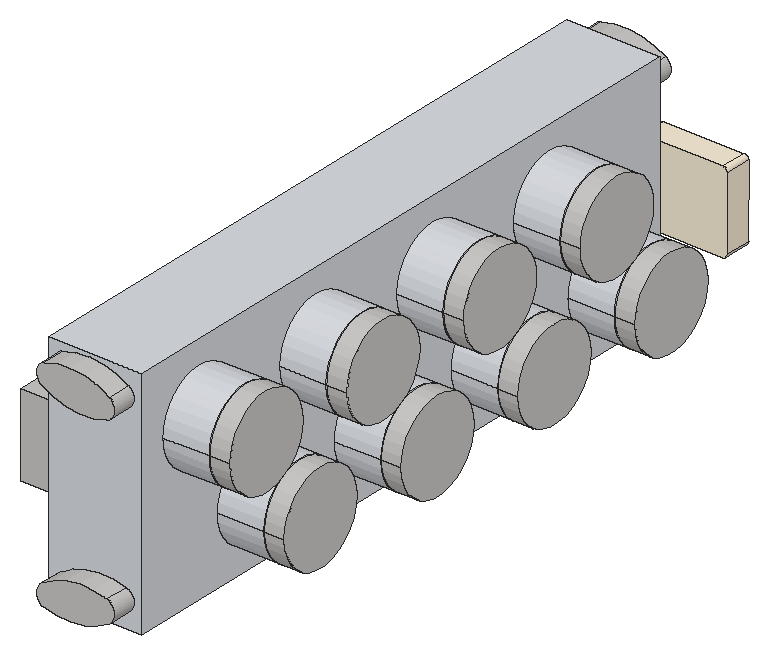
Revit family "HVAC_Ductwork_Airzone_Motorized-Plenum_Daikin_Standard_8-Dampers", category Mechanical Equipment, Revit 2016
Family settings
  Part Type = Normal
  Round Connector Dimension = Use Diameter
  OmniClass Number = 23.75.70.14
  OmniClass Title = Air Ductwork
  Work Plane-Based = No
  Always vertical = Yes
  Cut with Voids When Loaded = No
  Shared = No
  Room Calculation Point = No
Parameters (values of type "DAIST07XL8")
  Voltage = 230 V
  URL = "www.airzone.es"
  Type Image Comments = "Image available in product documentation download"  # constant formula
  Revit Model Version = "1.0"  # constant formula
  Revit Model Author URL = "www.a3d.es"
  Revit Model Author = "A3D Consulting"  # constant formula
  Product Documentation Download URL = "http://doc.airzone.es/BIM/Easyzone/Daikin-Airzone_motorized_plenum.zip"
  Product Comments = "Refer to technical documentation for further details"  # constant formula
  Power Factor = 1
  Neck Width = 1345.600 mm
  Neck Length = 95.000 mm
  Neck Height = 181.600 mm
  Material = Metal - AIRZONE - Galvanized Sheet - Semi-polished
  Main Control Board Material = Plastic - AIRZONE - Smooth - Off-white
  Load Classification = Other
  Insulated Body Width = 205.000 mm  # constant formula
  Insulated Body Material = Metal -AIRZONE - Insulating Lining -Aluminum Finish
  Insulated Body Length = 1425.000 mm  # constant formula
  Insulated Body Height = 515.000 mm  # constant formula
  Fresh Air Inlet 4 Flow [instance] = 0 m³/h
  Fresh Air Inlet 3 Flow [instance] = 0 m³/h
  Flow [instance] = Damper 8 Air Flow + Damper 7 Air Flow + Damper 6 Air Flow + Damper 5 Air Flow + Damper 4 Air Flow + Damper 3 Air Flow + Damper 2 Air Flow + Damper 1 Air Flow - Fresh Air Inlet 4 Flow - Fresh Air Inlet 3 Flow - Fresh Air Inlet 2 Flow - Fresh Air Inlet 1 Flow  # 2400 m³/h
  Fresh Air Inlet 1 Flow [instance] = 0 m³/h
  Fresh Air Inlet 2 Flow [instance] = 0 m³/h
  Fresh Air Inlet Connection Width = 175.000 mm
  Fresh Air Inlet Connection Height = 75.000 mm
  Model = "DAIST07XL8"
  Neck Side Offset = 39.700 mm
  Neck Bottom Offset = 180.200 mm
  Type Image = <None>
  Manufacturer = "AIRZONE"  # constant formula
  Main Control Board Depth = 57.000 mm  # constant formula
  Main Control Board Width = 195.000 mm  # constant formula
  Main Control Board Height = 180.000 mm  # constant formula
  Fixing = ""
  Disclaimer = "All information provided in this model is reviewed before being published. However, Airzone cannot guarantee this model is error-free, therefore users are strongly encouraged to check for technical documentation and updates"  # constant formula
  Description = "Airzone standard motorized plenum with neck that mechanically adapts to the main ducted AC units of Daikin."
  Type Comments = ""
  Dampers Length = 149.000 mm  # constant formula
  Dampers Diameter = 200.000 mm  # constant formula
  Damper 8 Air Flow [instance] = 300 m³/h
  Damper 7 Air Flow [instance] = 300 m³/h
  Damper 6 Air Flow [instance] = 300 m³/h
  Damper 5 Air Flow [instance] = 300 m³/h
  Damper 4 Air Flow [instance] = 300 m³/h
  Damper 1 Air Flow [instance] = 300 m³/h
  Damper 2 Air Flow [instance] = 300 m³/h
  Damper 3 Air Flow [instance] = 300 m³/h
  Fresh Air Inlet Connection Offset Height = 48.305 mm  # constant formula
  Compatible Accesories = ""
  Apparent Load = 57.5 VA
Types (4, lengths in mm): name | Neck Width | Neck Height | Model | Neck Side Offset | Neck Bottom Offset
  DAIST07XL8 | 1345.600 | 181.600 | "DAIST07XL8" | 39.700 | 180.200
  DAIST07L8 | 1195.600 | 181.600 | "DAIST07L8" | 164.700 | 180.200
  DAIST04L8 | 1173.600 | 203.600 | "DAIST04L8" | 125.700 | 156.200
  DAIST01L8 | 1167.600 | 222.600 | "DAIST01L8" | 193.700 | 161.200
Reference planes
  plane 1 "Center (Front/Back)": y = 0
  plane 2 "Center (Elevation)": z = 0
  plane 3 "Center (Left/Right)": x = 0
  plane 4 "Neck Back": y = 672.8
  plane 5 "Neck Front": y = -672.8
  plane 6 "Neck Top": z = 90.8
  plane 7 "Neck Bottom": z = -90.8
  plane 8 "Left": x = 95
  plane 9 "Bottom": z = -271
  plane 10 "Top": z = 244
  plane 11 "Front": y = -712.5
  plane 12 "Back": y = 712.5
  plane 13 "Right": x = 300
  plane 14 "Dampers Front": x = 449
  plane 15 "Dampers L1 Center (Elevation)": z = 94
  plane 16 "Damper3": y = -235.84
  plane 17 "Damper2": y = 85.83
  plane 18 "Damper1": y = 407.5
  plane 19 "Middle": y = 0
  plane 20 "FreshAir L2 Center (Elevation)": z = -222.695
  plane 21 "FreshAir1": y = 765
  plane 22 "FreshAir2": y = -765
  plane 23 "Dampers Lining": x = 404
  plane 24 "FreshAir Vertical Axis": x = 195.83
  plane 25 "ConnectionBox Side": x = 254
  plane 26 "Main Control Board Center (Left/Right)": x = 351.5
  plane 27 "Damper4": y = -557.51
  plane 28 "Dampers L2 Center (Elevation)": z = -121
  plane 29 "Damper5": y = 557.51
  plane 30 "Damper6": y = 235.84
  plane 31 "Damper7": y = -85.83
  plane 32 "Damper8": y = -407.5
  plane 33 "InsulatedBody Center (Elevation)": z = -13.5
  plane 34 "FreshAir L1 Center (Elevation)": z = 195.695
Forms (mm)
  Extrusion 1, solid, material "Metal - AIRZONE - Galvanized Sheet - Semi-polished" <- "Material"
    sketch origin (0, 0, 0) x (0, 1, 0) y (0, 0, 1)
      loop
        line (-672.8, 90.8) -> (-672.8, -90.8) -> (672.8, -90.8) -> (672.8, 90.8) -> (-672.8, 90.8)
    from 0 to 95
  Extrusion 2, solid, material "Metal -AIRZONE - Insulating Lining -Aluminum Finish" <- "Insulated Body Material"
    sketch origin (95, 0, 0) x (0, 1, 0) y (0, 0, 1)
      loop
        line (-712.5, 244) -> (-712.5, -271) -> (712.5, -271) -> (712.5, 244) -> (-712.5, 244)
    from 0 to 205
  Extrusion 3, solid, material "Metal - AIRZONE - Galvanized Sheet - Semi-polished" <- "Material"
    sketch origin (300, 0, 0) x (0, 1, 0) y (0, 0, 1)
      loop
        circle (-235.84, 94) r 100
    from 104 to 149
  Extrusion 4, solid, material "Metal - AIRZONE - Galvanized Sheet - Semi-polished" <- "Material"
    sketch origin (300, 0, 0) x (0, 1, 0) y (0, 0, 1)
      loop
        circle (85.83, 94) r 100
    from 104 to 149
  Extrusion 5, solid, material "Metal - AIRZONE - Galvanized Sheet - Semi-polished" <- "Material"
    sketch origin (300, 0, 0) x (0, 1, 0) y (0, 0, 1)
      loop
        circle (407.5, 94) r 100
    from 104 to 149
  Extrusion 6, solid, material "Metal - AIRZONE - Galvanized Sheet - Semi-polished" <- "Material"
    sketch origin (0, -712.5, 0) x (0, 0, 1) y (1, 0, 0)
      loop
        arc (-190.141, 265.204) -> (-211.608, 282.105) -> (-236.312, 270.434) r 25.96
        arc (-236.312, 270.434) -> (-262.302, 200.598) -> (-254.849, 126.456) r 164.67
        arc (-254.849, 126.456) -> (-233.665, 109.589) -> (-208.994, 120.751) r 25.96
        arc (-208.994, 120.751) -> (-182.725, 190.78) -> (-190.141, 265.204) r 164.67
    from 0 to -52.5
  Extrusion 7, solid, material "Metal - AIRZONE - Galvanized Sheet - Semi-polished" <- "Material"
    sketch origin (0, 712.5, 0) x (0, 0, 1) y (1, 0, 0)
      loop
        arc (-190.141, 265.204) -> (-211.325, 282.071) -> (-235.996, 270.909) r 25.96
        arc (-235.996, 270.909) -> (-262.179, 201.53) -> (-255.267, 127.699) r 164.67
        arc (-255.267, 127.699) -> (-234.032, 109.637) -> (-208.678, 121.226) r 25.96
        arc (-208.678, 121.226) -> (-182.688, 191.062) -> (-190.141, 265.204) r 164.67
    from 0 to 52.5
  Extrusion 8, solid, material "Metal -AIRZONE - Insulating Lining -Aluminum Finish" <- "Insulated Body Material"
    sketch origin (300, 0, 0) x (0, 1, 0) y (0, 0, 1)
      loop
        circle (407.5, 94) r 100
    from 0 to 104
  Extrusion 9, solid, material "Metal -AIRZONE - Insulating Lining -Aluminum Finish" <- "Insulated Body Material"
    sketch origin (300, -260, 0) x (0, 1, 0) y (0, 0, 1)
      loop
        circle (345.83, 94) r 100
    from 0 to 104
  Extrusion 10, solid, material "Metal -AIRZONE - Insulating Lining -Aluminum Finish" <- "Insulated Body Material"
    sketch origin (300, -520, 0) x (0, 1, 0) y (0, 0, 1)
      loop
        circle (284.16, 94) r 100
    from 0 to 104
  Extrusion 11, solid, material "Metal - AIRZONE - Galvanized Sheet - Semi-polished" <- "Material"
    sketch origin (300, -190, 0) x (0, 1, 0) y (0, 0, 1)
      loop
        circle (-367.51, 94) r 100
    from 104 to 149
  Extrusion 12, solid, material "Metal -AIRZONE - Insulating Lining -Aluminum Finish" <- "Insulated Body Material"
    sketch origin (300, -710, 0) x (0, 1, 0) y (0, 0, 1)
      loop
        circle (152.49, 94) r 100
    from 0 to 104
  Extrusion 13, solid, material "Metal -AIRZONE - Insulating Lining -Aluminum Finish" <- "Insulated Body Material"
    sketch origin (300, -100, 0) x (0, 1, 0) y (0, 0, 1)
      loop
        circle (657.51, -121) r 100
    from 0 to 104
  Extrusion 14, solid, material "Metal - AIRZONE - Galvanized Sheet - Semi-polished" <- "Material"
    sketch origin (300, 150.01, 0) x (0, 1, 0) y (0, 0, 1)
      loop
        circle (407.5, -121) r 100
    from 104 to 149
  Extrusion 15, solid, material "Metal -AIRZONE - Insulating Lining -Aluminum Finish" <- "Insulated Body Material"
    sketch origin (300, -421.67, 0) x (0, 1, 0) y (0, 0, 1)
      loop
        circle (657.51, -121) r 100
    from 0 to 104
  Extrusion 16, solid, material "Metal - AIRZONE - Galvanized Sheet - Semi-polished" <- "Material"
    sketch origin (300, -171.66, 0) x (0, 1, 0) y (0, 0, 1)
      loop
        circle (407.5, -121) r 100
    from 104 to 149
  Extrusion 17, solid, material "Metal -AIRZONE - Insulating Lining -Aluminum Finish" <- "Insulated Body Material"
    sketch origin (300, -743.34, 0) x (0, 1, 0) y (0, 0, 1)
      loop
        circle (657.51, -121) r 100
    from 0 to 104
  Extrusion 18, solid, material "Metal - AIRZONE - Galvanized Sheet - Semi-polished" <- "Material"
    sketch origin (300, -493.33, 0) x (0, 1, 0) y (0, 0, 1)
      loop
        circle (407.5, -121) r 100
    from 104 to 149
  Extrusion 19, solid, material "Metal -AIRZONE - Insulating Lining -Aluminum Finish" <- "Insulated Body Material"
    sketch origin (300, -1065.01, 0) x (0, 1, 0) y (0, 0, 1)
      loop
        circle (657.51, -121) r 100
    from 0 to 104
  Extrusion 20, solid, material "Metal - AIRZONE - Galvanized Sheet - Semi-polished" <- "Material"
    sketch origin (300, -815, 0) x (0, 1, 0) y (0, 0, 1)
      loop
        circle (407.5, -121) r 100
    from 104 to 149
  Extrusion 21, solid, material "Metal - AIRZONE - Galvanized Sheet - Semi-polished" <- "Material"
    sketch origin (0, -712.5, -30) x (0, 0, -1) y (-1, 0, 0)
      loop
        arc (-193.141, -265.204) -> (-185.725, -190.78) -> (-211.994, -120.751) r 164.67
        arc (-211.994, -120.751) -> (-236.665, -109.589) -> (-257.849, -126.456) r 25.96
        arc (-257.849, -126.456) -> (-265.302, -200.598) -> (-239.312, -270.434) r 164.67
        arc (-239.312, -270.434) -> (-214.608, -282.105) -> (-193.141, -265.204) r 25.96
    from 0 to -52.5
  Extrusion 22, solid, material "Metal - AIRZONE - Galvanized Sheet - Semi-polished" <- "Material"
    sketch origin (0, 712.5, -30) x (0, 0, -1) y (-1, 0, 0)
      loop
        arc (-193.141, -265.204) -> (-185.688, -191.062) -> (-211.678, -121.226) r 164.67
        arc (-211.678, -121.226) -> (-237.032, -109.637) -> (-258.267, -127.699) r 25.96
        arc (-258.267, -127.699) -> (-265.179, -201.53) -> (-238.996, -270.909) r 164.67
        arc (-238.996, -270.909) -> (-214.325, -282.071) -> (-193.141, -265.204) r 25.96
    from 0 to 52.5
Lines and regions (mm)
  Masking region 1
    outline origin (0, 0, 0) x (1, 0, 0) y (0, 1, 0)
      loop
        line (95, 712.5) -> (95, -712.5) -> (300, -712.5) -> (300, 712.5) -> (95, 712.5)
  Masking region 2, detail levels medium+fine
    outline origin (0, 0, 0) x (1, 0, 0) y (0, 1, 0)
      loop
        line (0, 672.8) -> (0, -672.8) -> (95, -672.8) -> (95, 672.8) -> (0, 672.8)
  Masking region 3, detail levels medium+fine
    outline origin (0, 0, -222.695) x (1, 0, 0) y (0, 1, 0)
      loop
        line (108.33, 765) -> (108.33, 712.5) -> (283.33, 712.5) -> (283.33, 765) -> (108.33, 765)
  Masking region 4, detail levels medium+fine
    outline origin (0, 0, -222.695) x (1, 0, 0) y (0, 1, 0)
      loop
        line (108.33, -712.5) -> (108.33, -765) -> (283.33, -765) -> (283.33, -712.5) -> (108.33, -712.5)
  Masking region 5, detail levels medium+fine
    outline origin (0, 0, 0) x (1, 0, 0) y (0, 1, 0)
      loop
        line (254, 769.5) -> (254, 712.5) -> (449, 712.5) -> (449, 769.5) -> (254, 769.5)
  Masking region 6, detail levels medium+fine
    outline origin (0, 0, 94) x (0, -1, 0) y (1, 0, 0)
      loop
        line (457.51, 300) -> (657.51, 300) -> (657.51, 449) -> (457.51, 449) -> (457.51, 300)
  Masking region 7, detail levels medium+fine
    outline origin (0, 321.67, 94) x (0, -1, 0) y (1, 0, 0)
      loop
        line (457.51, 300) -> (657.51, 300) -> (657.51, 449) -> (457.51, 449) -> (457.51, 300)
  Masking region 8, detail levels medium+fine
    outline origin (0, 643.34, 94) x (0, -1, 0) y (1, 0, 0)
      loop
        line (457.51, 300) -> (657.51, 300) -> (657.51, 449) -> (457.51, 449) -> (457.51, 300)
  Masking region 9, detail levels medium+fine
    outline origin (0, 965.01, 94) x (0, -1, 0) y (1, 0, 0)
      loop
        line (457.51, 300) -> (657.51, 300) -> (657.51, 449) -> (457.51, 449) -> (457.51, 300)
  Masking region 10, detail levels medium+fine
    outline origin (0, 0, -121) x (0, -1, 0) y (1, 0, 0)
      loop
        line (-657.51, 300) -> (-457.51, 300) -> (-457.51, 449) -> (-657.51, 449) -> (-657.51, 300)
  Masking region 11, detail levels medium+fine
    outline origin (0, -321.67, -121) x (0, -1, 0) y (1, 0, 0)
      loop
        line (-657.51, 300) -> (-457.51, 300) -> (-457.51, 449) -> (-657.51, 449) -> (-657.51, 300)
  Masking region 12, detail levels medium+fine
    outline origin (0, -643.34, -121) x (0, -1, 0) y (1, 0, 0)
      loop
        line (-657.51, 300) -> (-457.51, 300) -> (-457.51, 449) -> (-657.51, 449) -> (-657.51, 300)
  Masking region 13, detail levels medium+fine
    outline origin (0, -965.01, -121) x (0, -1, 0) y (1, 0, 0)
      loop
        line (-657.51, 300) -> (-457.51, 300) -> (-457.51, 449) -> (-657.51, 449) -> (-657.51, 300)
  symbolic lines, detail levels coarse
    curve 1: line (95, -712.5, 0) -> (300, 0, 0)
    curve 2: line (300, 0, 0) -> (95, 712.5, 0)
Dimensions and locks
  equal spacing: plane 4 "Neck Back", plane 1 "Center (Front/Back)", plane 5 "Neck Front"
  "Neck Width": plane 4 "Neck Back" to plane 5 "Neck Front"
  equal spacing: plane 6 "Neck Top", level, plane 7 "Neck Bottom"
  "Neck Height": plane 6 "Neck Top" to plane 7 "Neck Bottom"
  "Neck Length": plane 3 "Center (Left/Right)" to plane 8 "Left"
  "Neck Bottom Offset": plane 7 "Neck Bottom" to plane 9 "Bottom"
  "Insulated Body Height": plane 10 "Top" to plane 9 "Bottom"
  "Insulated Body Length": plane 12 "Back" to plane 11 "Front"
  "Insulated Body Width": plane 8 "Left" to plane 13 "Right"
  "Dampers Length": plane 13 "Right" to plane 14 "Dampers Front"
  equal spacing: plane 12 "Back", plane 19 "Middle", plane 11 "Front"
  plane 8 "Left" to plane 13 "Right" = 205.000 mm
  "Fresh Air Inlet Connection Offset Height": plane 20 "FreshAir L2 Center (Elevation)" to plane 9 "Bottom"
  locked: Extrusion 6 sketch curve to plane 9 "Bottom" at 56.47
  locked: plane 13 "Right" to Extrusion 6 sketch curve at 43.69
  locked: plane 13 "Right" to Extrusion 6 sketch curve at 164.65
  locked: Extrusion 6 sketch curve to plane 9 "Bottom" at 40.54
  locked: plane 13 "Right" to Extrusion 6 sketch curve at 87.91
  locked: plane 9 "Bottom" to Extrusion 6 sketch curve at 75.01
  locked: plane 13 "Right" to Extrusion 6 sketch curve at 120.43
  locked: Extrusion 6 sketch curve to plane 9 "Bottom" at 172.02
  locked: plane 13 "Right" to Extrusion 7 sketch curve at 43.69
  locked: Extrusion 7 sketch curve to plane 9 "Bottom" at 56.47
  locked: Extrusion 7 sketch curve to plane 9 "Bottom" at 40.54
  locked: plane 13 "Right" to Extrusion 7 sketch curve at 164.65
  locked: plane 13 "Right" to Extrusion 7 sketch curve at 120.43
  locked: Extrusion 7 sketch curve to plane 9 "Bottom" at 172.02
  locked: plane 9 "Bottom" to Extrusion 7 sketch curve at 75.01
  locked: plane 13 "Right" to Extrusion 7 sketch curve at 87.91
  "Neck Side Offset": plane 12 "Back" to plane 4 "Neck Back"
  locked: plane 21 "FreshAir1" to plane 12 "Back" at 52.5
  plane 11 "Front" to plane 22 "FreshAir2" = 52.500 mm
  locked: connector elem to plane 13 "Right" at 104.17
  locked: plane 20 "FreshAir L2 Center (Elevation)" to connector elem
  locked: plane 13 "Right" to connector elem at 104.17
  locked: connector elem to plane 20 "FreshAir L2 Center (Elevation)"
  locked: plane 23 "Dampers Lining" to plane 14 "Dampers Front" at 45
  locked: plane 24 "FreshAir Vertical Axis" to plane 13 "Right" at 104.17
  equal spacing: Masking region 3 sketch curve, plane 24 "FreshAir Vertical Axis", Masking region 3 sketch curve
  "Fresh Air Inlet Connection Width": Masking region 3 sketch curve to Masking region 3 sketch curve
  equal spacing: Masking region 4 sketch curve, plane 24 "FreshAir Vertical Axis", Masking region 4 sketch curve
  "Fresh Air Inlet Connection Width": Masking region 4 sketch curve to Masking region 4 sketch curve
  "Main Control Board Depth": Masking region 5 sketch curve to plane 12 "Back"
  "Main Control Board Width": plane 25 "ConnectionBox Side" to plane 14 "Dampers Front"
  equal spacing: plane 25 "ConnectionBox Side", plane 26 "Main Control Board Center (Left/Right)", plane 14 "Dampers Front"
  equal spacing: Masking region 6 sketch curve, plane 27 "Damper4", Masking region 6 sketch curve
  "Dampers Diameter": Masking region 6 sketch curve to Masking region 6 sketch curve
  plane 18 "Damper1" to plane 17 "Damper2" to plane 16 "Damper3" to plane 27 "Damper4" = 321.670 mm locked, 321.670 mm locked, 321.670 mm locked
  locked: plane 17 "Damper2" to plane 19 "Middle" at 85.83
  locked: plane 10 "Top" to plane 15 "Dampers L1 Center (Elevation)" at 150
  locked: plane 28 "Dampers L2 Center (Elevation)" to plane 9 "Bottom" at 150
  plane 29 "Damper5" to plane 30 "Damper6" to plane 31 "Damper7" to plane 32 "Damper8" = 321.670 mm locked, 321.670 mm locked, 321.670 mm locked
  locked: plane 19 "Middle" to plane 31 "Damper7" at 85.83
  equal spacing: Masking region 7 sketch curve, plane 16 "Damper3", Masking region 7 sketch curve
  "Dampers Diameter": Masking region 7 sketch curve to Masking region 7 sketch curve
  equal spacing: Masking region 8 sketch curve, plane 17 "Damper2", Masking region 8 sketch curve
  "Dampers Diameter": Masking region 8 sketch curve to Masking region 8 sketch curve
  equal spacing: Masking region 9 sketch curve, plane 18 "Damper1", Masking region 9 sketch curve
  "Dampers Diameter": Masking region 9 sketch curve to Masking region 9 sketch curve
  equal spacing: Masking region 10 sketch curve, plane 29 "Damper5", Masking region 10 sketch curve
  "Dampers Diameter": Masking region 10 sketch curve to Masking region 10 sketch curve
  equal spacing: Masking region 11 sketch curve, plane 30 "Damper6", Masking region 11 sketch curve
  "Dampers Diameter": Masking region 11 sketch curve to Masking region 11 sketch curve
  equal spacing: Masking region 12 sketch curve, plane 31 "Damper7", Masking region 12 sketch curve
  "Dampers Diameter": Masking region 12 sketch curve to Masking region 12 sketch curve
  equal spacing: Masking region 13 sketch curve, plane 32 "Damper8", Masking region 13 sketch curve
  "Dampers Diameter": Masking region 13 sketch curve to Masking region 13 sketch curve
  equal spacing: plane 10 "Top", plane 33 "InsulatedBody Center (Elevation)", plane 9 "Bottom"
  locked: plane 13 "Right" to Extrusion 21 sketch curve at 43.69
  locked: plane 13 "Right" to Extrusion 21 sketch curve at 87.91
  locked: plane 13 "Right" to Extrusion 21 sketch curve at 120.43
  locked: plane 13 "Right" to Extrusion 21 sketch curve at 164.65
  locked: Extrusion 21 sketch curve to plane 10 "Top" at 75.01
  locked: plane 10 "Top" to Extrusion 21 sketch curve at 40.54
  locked: plane 10 "Top" to Extrusion 21 sketch curve at 56.47
  locked: plane 10 "Top" to Extrusion 21 sketch curve at 172.02
  locked: plane 10 "Top" to Extrusion 22 sketch curve at 75.01
  locked: Extrusion 22 sketch curve to plane 10 "Top" at 40.54
  locked: Extrusion 22 sketch curve to plane 10 "Top" at 56.47
  locked: Extrusion 22 sketch curve to plane 10 "Top" at 172.02
  locked: plane 13 "Right" to Extrusion 22 sketch curve at 43.69
  locked: plane 13 "Right" to Extrusion 22 sketch curve at 87.91
  locked: plane 13 "Right" to Extrusion 22 sketch curve at 120.43
  locked: plane 13 "Right" to Extrusion 22 sketch curve at 164.65
  "Fresh Air Inlet Connection Offset Height": plane 10 "Top" to plane 34 "FreshAir L1 Center (Elevation)"
  locked: connector elem to plane 24 "FreshAir Vertical Axis"  (x2)
  locked: connector elem to plane 34 "FreshAir L1 Center (Elevation)"  (x2)
  "Dampers Diameter": diameter of Extrusion 3 sketch curve
  "Dampers Diameter": diameter of Extrusion 4 sketch curve
  "Dampers Diameter": diameter of Extrusion 5 sketch curve
  radius of Extrusion 7 sketch curve = 164.670 mm  (x2)
  radius of Extrusion 7 sketch curve = 25.960 mm  (x2)
  radius of Extrusion 6 sketch curve = 164.670 mm  (x2)
  radius of Extrusion 6 sketch curve = 25.960 mm  (x2)
  "Dampers Diameter": diameter of Extrusion 8 sketch curve
  "Dampers Diameter": diameter of Extrusion 9 sketch curve
  "Dampers Diameter": diameter of Extrusion 10 sketch curve
  "Dampers Diameter": diameter of Extrusion 11 sketch curve
  "Dampers Diameter": diameter of Extrusion 12 sketch curve
  "Dampers Diameter": diameter of Extrusion 13 sketch curve
  "Dampers Diameter": diameter of Extrusion 14 sketch curve
  "Dampers Diameter": diameter of Extrusion 15 sketch curve
  "Dampers Diameter": diameter of Extrusion 16 sketch curve
  "Dampers Diameter": diameter of Extrusion 17 sketch curve
  "Dampers Diameter": diameter of Extrusion 18 sketch curve
  "Dampers Diameter": diameter of Extrusion 19 sketch curve
  "Dampers Diameter": diameter of Extrusion 20 sketch curve
  radius of Extrusion 21 sketch curve = 164.670 mm  (x2)
  radius of Extrusion 21 sketch curve = 25.960 mm  (x2)
  radius of Extrusion 22 sketch curve = 164.670 mm  (x2)
  radius of Extrusion 22 sketch curve = 25.960 mm  (x2)
  aligned and locked: level to plane 2 "Center (Elevation)"
  aligned and locked: plane 5 "Neck Front" to Extrusion 1 sketch curve
  aligned and locked: Extrusion 1 sketch curve to plane 6 "Neck Top"
  aligned and locked: Extrusion 1 sketch curve to plane 4 "Neck Back"
  aligned and locked: plane 7 "Neck Bottom" to Extrusion 1 sketch curve
  aligned and locked: Extrusion 1 to plane 3 "Center (Left/Right)"
  aligned and locked: Extrusion 2 sketch curve to plane 10 "Top"
  aligned and locked: Extrusion 2 sketch curve to plane 12 "Back"
  aligned and locked: plane 9 "Bottom" to Extrusion 2 sketch curve
  aligned and locked: plane 11 "Front" to Extrusion 2 sketch curve
  aligned and locked: plane 13 "Right" to Extrusion 2
  aligned and locked: Extrusion 2 to plane 8 "Left"
  aligned and locked: plane 16 "Damper3" to Extrusion 3 sketch curve
  aligned and locked: plane 15 "Dampers L1 Center (Elevation)" to Extrusion 3 sketch curve
  aligned and locked: plane 15 "Dampers L1 Center (Elevation)" to Extrusion 4 sketch curve
  aligned and locked: plane 18 "Damper1" to Extrusion 5 sketch curve
  aligned and locked: plane 15 "Dampers L1 Center (Elevation)" to Extrusion 5 sketch curve
  aligned and locked: plane 14 "Dampers Front" to Extrusion 5
  aligned and locked: plane 14 "Dampers Front" to Extrusion 4
  aligned and locked: plane 14 "Dampers Front" to Extrusion 3
  aligned and locked: plane 8 "Left" to Extrusion 1
  aligned and locked: plane 22 "FreshAir2" to Extrusion 6
  aligned and locked: plane 21 "FreshAir1" to Extrusion 7
  aligned and locked: Extrusion 7 to plane 12 "Back"
  aligned and locked: plane 11 "Front" to Extrusion 6
  aligned and locked: Extrusion 5 to plane 23 "Dampers Lining"
  aligned and locked: Extrusion 5 to Extrusion 4
  aligned and locked: Extrusion 4 to Extrusion 3
  aligned and locked: plane 23 "Dampers Lining" to Extrusion 8
  aligned and locked: Extrusion 10 to plane 13 "Right"
  aligned and locked: plane 23 "Dampers Lining" to Extrusion 10
  aligned and locked: Extrusion 9 to plane 13 "Right"
  aligned and locked: plane 23 "Dampers Lining" to Extrusion 9
  aligned and locked: Extrusion 8 to plane 13 "Right"
  aligned and locked: Extrusion 9 to Extrusion 8
  aligned and locked: plane 18 "Damper1" to Extrusion 8 sketch curve
  aligned and locked: plane 15 "Dampers L1 Center (Elevation)" to Extrusion 8 sketch curve
  aligned and locked: plane 15 "Dampers L1 Center (Elevation)" to Extrusion 9 sketch curve
  aligned and locked: plane 16 "Damper3" to Extrusion 10 sketch curve
  aligned and locked: plane 15 "Dampers L1 Center (Elevation)" to Extrusion 10 sketch curve
  aligned and locked: Masking region 1 sketch curve to plane 12 "Back"
  aligned and locked: plane 8 "Left" to Masking region 1 sketch curve
  aligned and locked: Masking region 1 sketch curve to plane 13 "Right"
  aligned and locked: plane 11 "Front" to Masking region 1 sketch curve
  aligned and locked: plane 5 "Neck Front" to Masking region 2 sketch curve
  aligned and locked: plane 3 "Center (Left/Right)" to Masking region 2 sketch curve
  aligned and locked: Masking region 2 sketch curve to plane 4 "Neck Back"
  aligned and locked: Masking region 2 sketch curve to plane 8 "Left"
  aligned and locked: plane 12 "Back" to Masking region 3 sketch curve
  aligned and locked: Masking region 3 sketch curve to plane 21 "FreshAir1"
  aligned and locked: Masking region 4 sketch curve to plane 11 "Front"
  aligned and locked: Masking region 4 sketch curve to plane 22 "FreshAir2"
  aligned and locked: plane 12 "Back" to Masking region 5 sketch curve
  aligned and locked: Masking region 5 sketch curve to plane 14 "Dampers Front"
  aligned and locked: plane 25 "ConnectionBox Side" to Masking region 5 sketch curve
  aligned and locked: plane 17 "Damper2" to Extrusion 9 sketch curve
  aligned and locked: plane 17 "Damper2" to Extrusion 4 sketch curve
  aligned and locked: Masking region 6 sketch curve to plane 14 "Dampers Front"
  aligned and locked: plane 13 "Right" to Masking region 6 sketch curve
  aligned and locked: Extrusion 12 to plane 13 "Right"
  aligned and locked: plane 23 "Dampers Lining" to Extrusion 12
  aligned and locked: Extrusion 11 to plane 23 "Dampers Lining"
  aligned and locked: plane 14 "Dampers Front" to Extrusion 11
  aligned and locked: plane 15 "Dampers L1 Center (Elevation)" to Extrusion 12 sketch curve
  aligned and locked: plane 27 "Damper4" to Extrusion 12 sketch curve
  aligned and locked: plane 15 "Dampers L1 Center (Elevation)" to Extrusion 11 sketch curve
  aligned and locked: plane 27 "Damper4" to Extrusion 11 sketch curve
  aligned and locked: Extrusion 13 to plane 13 "Right"
  aligned and locked: plane 23 "Dampers Lining" to Extrusion 13
  aligned and locked: plane 28 "Dampers L2 Center (Elevation)" to Extrusion 13 sketch curve
  aligned and locked: plane 29 "Damper5" to Extrusion 13 sketch curve
  aligned and locked: Extrusion 14 to plane 23 "Dampers Lining"
  aligned and locked: plane 14 "Dampers Front" to Extrusion 14
  aligned and locked: plane 28 "Dampers L2 Center (Elevation)" to Extrusion 14 sketch curve
  aligned and locked: plane 29 "Damper5" to Extrusion 14 sketch curve
  aligned and locked: Extrusion 15 to plane 13 "Right"
  aligned and locked: plane 23 "Dampers Lining" to Extrusion 15
  aligned and locked: Extrusion 17 to plane 13 "Right"
  aligned and locked: plane 23 "Dampers Lining" to Extrusion 17
  aligned and locked: Extrusion 19 to plane 13 "Right"
  aligned and locked: plane 23 "Dampers Lining" to Extrusion 19
  aligned and locked: Extrusion 20 to plane 23 "Dampers Lining"
  aligned and locked: plane 14 "Dampers Front" to Extrusion 20
  aligned and locked: Extrusion 18 to plane 23 "Dampers Lining"
  aligned and locked: plane 14 "Dampers Front" to Extrusion 18
  aligned and locked: Extrusion 16 to plane 23 "Dampers Lining"
  aligned and locked: plane 14 "Dampers Front" to Extrusion 16
  aligned and locked: plane 30 "Damper6" to Extrusion 16 sketch curve
  aligned and locked: plane 28 "Dampers L2 Center (Elevation)" to Extrusion 16 sketch curve
  aligned and locked: plane 31 "Damper7" to Extrusion 18 sketch curve
  aligned and locked: plane 28 "Dampers L2 Center (Elevation)" to Extrusion 18 sketch curve
  aligned and locked: plane 32 "Damper8" to Extrusion 20 sketch curve
  aligned and locked: plane 28 "Dampers L2 Center (Elevation)" to Extrusion 20 sketch curve
  aligned and locked: plane 32 "Damper8" to Extrusion 19 sketch curve
  aligned and locked: plane 28 "Dampers L2 Center (Elevation)" to Extrusion 19 sketch curve
  aligned and locked: plane 28 "Dampers L2 Center (Elevation)" to Extrusion 17 sketch curve
  aligned and locked: plane 31 "Damper7" to Extrusion 17 sketch curve
  aligned and locked: plane 30 "Damper6" to Extrusion 15 sketch curve
  aligned and locked: plane 28 "Dampers L2 Center (Elevation)" to Extrusion 15 sketch curve
  aligned and locked: plane 13 "Right" to Masking region 7 sketch curve
  aligned and locked: Masking region 7 sketch curve to plane 14 "Dampers Front"
  aligned and locked: plane 13 "Right" to Masking region 8 sketch curve
  aligned and locked: Masking region 8 sketch curve to plane 14 "Dampers Front"
  aligned and locked: plane 13 "Right" to Masking region 9 sketch curve
  aligned and locked: Masking region 9 sketch curve to plane 14 "Dampers Front"
  aligned and locked: plane 13 "Right" to Masking region 10 sketch curve
  aligned and locked: Masking region 10 sketch curve to plane 14 "Dampers Front"
  aligned and locked: plane 13 "Right" to Masking region 13 sketch curve
  aligned and locked: Masking region 13 sketch curve to plane 14 "Dampers Front"
  aligned and locked: plane 13 "Right" to Masking region 12 sketch curve
  aligned and locked: Masking region 12 sketch curve to plane 14 "Dampers Front"
  aligned and locked: plane 13 "Right" to Masking region 11 sketch curve
  aligned and locked: Masking region 11 sketch curve to plane 14 "Dampers Front"
  aligned and locked: plane 11 "Front" to Extrusion 21
  aligned and locked: plane 22 "FreshAir2" to Extrusion 21
  aligned and locked: plane 21 "FreshAir1" to Extrusion 22
  aligned and locked: Extrusion 22 to plane 12 "Back"
  aligned and locked: nested 1 to plane 12 "Back"
  aligned and locked: nested 1 to plane 26 "Main Control Board Center (Left/Right)"
  aligned and locked: nested 1 to plane 33 "InsulatedBody Center (Elevation)"
Automatic sketch dimensions
  curve 2 to plane 8 "Left" = 0.000 mm
  curve 1 to plane 8 "Left" = 0.000 mm
  curve 2 to plane 13 "Right" = 0.000 mm
  curve 1 to plane 11 "Front" = 0.000 mm
  curve 2 to plane 19 "Middle" = 0.000 mm
  curve 2 to plane 12 "Back" = 0.000 mm
Nested families
  nested 1: "Airzone_Main-Control-Board" at (351.5, 712.5, -13.5) x (-1, 0, 0) z (0, 1, 0), Extrusion <- "Main Control Board Depth", Height <- "Main Control Board Height", Width <- "Main Control Board Width", Material <- "Main Control Board Material", type "Standard"
    with Width 195.000 mm, Material Plastic - AIRZONE - Smooth - Off-white, Height 180.000 mm, Extrusion 57.000 mm
Connectors
  hvac at (449, -235.84, 94), driven by "Damper 3 Air Flow", driven by "Dampers Diameter"
    settings: on Extrusion 3, index 1, duct flow 300 m³/h, flow factor 0, pres drop 0.0 Pa, loss coef 0, conn angle 0.00°, conn width 304.8 mm, conn height 304.8 mm, conn diameter 200 mm, duct sys type 1, conn prof type 0, flow config 0, flow direction 2, loss method 0, conn ref index -1, conn util no, is conn primary no, conn desc "Supply Air Out 3"
  hvac at (449, 85.83, 94), driven by "Damper 2 Air Flow", driven by "Dampers Diameter"
    settings: on Extrusion 4, index 2, duct flow 300 m³/h, flow factor 0, pres drop 0.0 Pa, loss coef 0, conn angle 0.00°, conn width 304.8 mm, conn height 304.8 mm, conn diameter 200 mm, duct sys type 1, conn prof type 0, flow config 0, flow direction 2, loss method 0, conn ref index -1, conn util no, is conn primary no, conn desc "Supply Air Out 2"
  hvac at (449, 407.5, 94), driven by "Damper 1 Air Flow", driven by "Dampers Diameter"
    settings: on Extrusion 5, index 3, duct flow 300 m³/h, flow factor 0, pres drop 0.0 Pa, loss coef 0, conn angle 0.00°, conn width 304.8 mm, conn height 304.8 mm, conn diameter 200 mm, duct sys type 1, conn prof type 0, flow config 0, flow direction 2, loss method 0, conn ref index -1, conn util no, is conn primary no, conn desc "Supply Air Out 1"
  hvac at (0, 0, 0), driven by "Flow", driven by "Neck Height", driven by "Neck Width"
    settings: on Extrusion 1, index 6, duct flow 2400 m³/h, flow factor 0, pres drop 0.0 Pa, loss coef 0, conn angle 0.00°, conn width 1345.6 mm, conn height 181.6 mm, conn diameter 609.6 mm, duct sys type 1, conn prof type 1, flow config 1, flow direction 1, loss method 0, conn ref index -1, conn util no, is conn primary yes, conn desc "Supply Air In"
  hvac at (195.83, -765, -222.695), driven by "Fresh Air Inlet 4 Flow", driven by "Fresh Air Inlet Connection Width", driven by "Fresh Air Inlet Connection Height"
    settings: index 7, duct flow 0 m³/h, flow factor 0, pres drop 0.0 Pa, loss coef 0, conn angle 0.00°, conn width 175 mm, conn height 75 mm, conn diameter 609.6 mm, duct sys type 1, conn prof type 2, flow config 1, flow direction 1, loss method 0, conn ref index -1, conn util no, is conn primary no, conn desc "Fresh Air In 4"
  hvac at (195.83, 765, -222.695), driven by "Fresh Air Inlet 3 Flow", driven by "Fresh Air Inlet Connection Height", driven by "Fresh Air Inlet Connection Width"
    settings: index 8, duct flow 0 m³/h, flow factor 0, pres drop 0.0 Pa, loss coef 0, conn angle 0.00°, conn width 175 mm, conn height 75 mm, conn diameter 609.6 mm, duct sys type 1, conn prof type 2, flow config 1, flow direction 1, loss method 0, conn ref index -1, conn util no, is conn primary no, conn desc "Fresh Air In 3"
  hvac at (449, -557.51, 94), driven by "Damper 4 Air Flow", driven by "Dampers Diameter"
    settings: on Extrusion 11, index 9, duct flow 300 m³/h, flow factor 0, pres drop 0.0 Pa, loss coef 0, conn angle 0.00°, conn width 304.8 mm, conn height 304.8 mm, conn diameter 200 mm, duct sys type 1, conn prof type 0, flow config 0, flow direction 2, loss method 0, conn ref index -1, conn util no, is conn primary no, conn desc "Supply Air Out 4"
  hvac at (449, 557.51, -121), driven by "Dampers Diameter", driven by "Damper 5 Air Flow"
    settings: on Extrusion 14, index 10, duct flow 300 m³/h, flow factor 0, pres drop 0.0 Pa, loss coef 0, conn angle 0.00°, conn width 304.8 mm, conn height 304.8 mm, conn diameter 200 mm, duct sys type 1, conn prof type 0, flow config 0, flow direction 2, loss method 0, conn ref index -1, conn util no, is conn primary no, conn desc ""
  hvac at (449, 235.84, -121), driven by "Dampers Diameter", driven by "Damper 6 Air Flow"
    settings: on Extrusion 16, index 11, duct flow 300 m³/h, flow factor 0, pres drop 0.0 Pa, loss coef 0, conn angle 0.00°, conn width 304.8 mm, conn height 304.8 mm, conn diameter 200 mm, duct sys type 1, conn prof type 0, flow config 0, flow direction 2, loss method 0, conn ref index -1, conn util no, is conn primary no, conn desc ""
  hvac at (449, -85.83, -121), driven by "Dampers Diameter", driven by "Damper 7 Air Flow"
    settings: on Extrusion 18, index 12, duct flow 300 m³/h, flow factor 0, pres drop 0.0 Pa, loss coef 0, conn angle 0.00°, conn width 304.8 mm, conn height 304.8 mm, conn diameter 200 mm, duct sys type 1, conn prof type 0, flow config 0, flow direction 2, loss method 0, conn ref index -1, conn util no, is conn primary no, conn desc ""
  hvac at (449, -407.5, -121), driven by "Dampers Diameter", driven by "Damper 8 Air Flow"
    settings: on Extrusion 20, index 13, duct flow 300 m³/h, flow factor 0, pres drop 0.0 Pa, loss coef 0, conn angle 0.00°, conn width 304.8 mm, conn height 304.8 mm, conn diameter 200 mm, duct sys type 1, conn prof type 0, flow config 0, flow direction 2, loss method 0, conn ref index -1, conn util no, is conn primary no, conn desc ""
  hvac at (195.83, -765, 195.695), driven by "Fresh Air Inlet 2 Flow", driven by "Fresh Air Inlet Connection Height", driven by "Fresh Air Inlet Connection Width"
    settings: index 14, duct flow 0 m³/h, flow factor 0, pres drop 0.0 Pa, loss coef 0, conn angle 0.00°, conn width 175 mm, conn height 75 mm, conn diameter 609.6 mm, duct sys type 1, conn prof type 2, flow config 1, flow direction 1, loss method 0, conn ref index -1, conn util no, is conn primary no, conn desc "Fresh Air In 2"
  hvac at (195.83, 765, 195.695), driven by "Fresh Air Inlet 1 Flow", driven by "Fresh Air Inlet Connection Height", driven by "Fresh Air Inlet Connection Width"
    settings: index 15, duct flow 0 m³/h, flow factor 0, pres drop 0.0 Pa, loss coef 0, conn angle 0.00°, conn width 175 mm, conn height 75 mm, conn diameter 609.6 mm, duct sys type 1, conn prof type 2, flow config 1, flow direction 1, loss method 0, conn ref index -1, conn util no, is conn primary no, conn desc "Fresh Air In 1"
  electrical at (351.5, 769.5, -13.5), driven by "Load Classification", driven by "Voltage", driven by "Apparent Load", driven by "Power Factor"
    settings: on nested 1, index 16, voltage 230 V, apparent load 57.5 VA, apparent load phase1 0 VA, apparent load phase2 0 VA, apparent load phase3 0 VA, power factor 1, load classification "Other", number of poles 1, system type 30, power factor state 1, is connector primary yes, connector utility no, sub classification motor no, connector description "Power Supply"
Definition of nested family "Airzone_Main-Control-Board"
  Parameters (values of type "Standard")
    Width [instance] = 195.000 mm
    URL = "www.airzone.es"
    Revit Model Version = "1.0"  # constant formula
    Revit Model Author URL = "www.a3d.es"
    Revit Model Author = "A3D Consulting"  # constant formula
    Material [instance] = none
    Manufacturer = "AIRZONE"  # constant formula
    Height [instance] = 180.000 mm
    Extrusion [instance] = 57.000 mm
    Default Elevation = 0.000 mm
  Reference planes
    plane 1 "Center (Front/Back)": y = 0
    plane 2: z = 0
    plane 3 "Center (Left/Right)": x = 0
    plane 4: y = 90
    plane 5: y = -90
    plane 6: x = 97.5
    plane 7: x = -97.5
  Forms (mm)
    Extrusion 1, solid, material <- "Material"
      sketch origin (0, 0, 0) x (1, 0, 0) y (0, 1, 0)
        loop
          arc (-87.5, 90) -> (-94.571, 87.071) -> (-97.5, 80) r 10
          line (-97.5, 80) -> (-97.5, -80)
          arc (-97.5, -80) -> (-94.571, -87.071) -> (-87.5, -90) r 10
          line (-87.5, -90) -> (87.5, -90)
          arc (87.5, -90) -> (94.571, -87.071) -> (97.5, -80) r 10
          line (97.5, -80) -> (97.5, 80)
          arc (97.5, 80) -> (94.571, 87.071) -> (87.5, 90) r 10
          line (87.5, 90) -> (-87.5, 90)
      from 0 to 57 <- "Extrusion"
  Dimensions and locks
    equal spacing: plane 7, plane 3 "Center (Left/Right)", plane 6
    equal spacing: plane 4, plane 1 "Center (Front/Back)", plane 5
    "Width": plane 7 to plane 6
    "Height": plane 4 to plane 5
    radius of Extrusion 1 sketch curve = 10.000 mm  (x4)
    aligned and locked: level to plane 2
    aligned and locked: plane 5 to Extrusion 1 sketch curve
    aligned and locked: Extrusion 1 sketch curve to plane 6
    aligned and locked: Extrusion 1 sketch curve to plane 4
    aligned and locked: plane 7 to Extrusion 1 sketch curve
